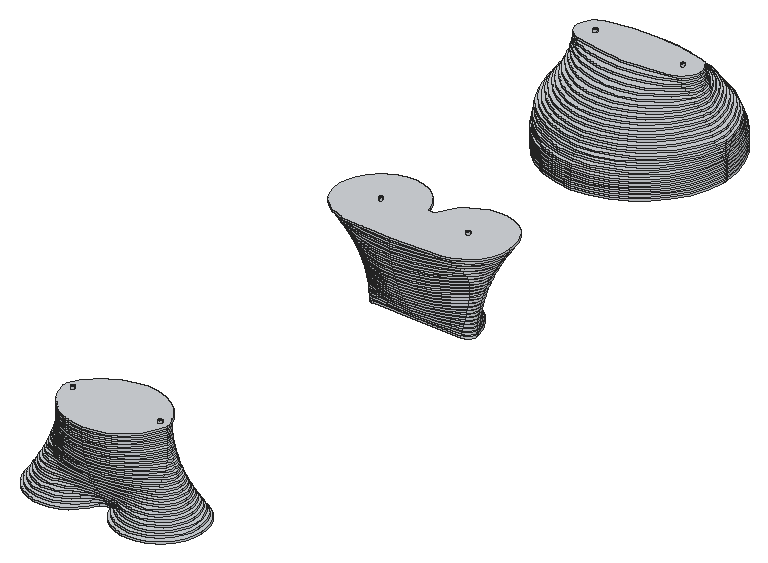
Revit family "Sedute", category Mass, Revit 2012
Parameters
  tollerance = 1 mm
  shimRadius = 20 mm
  cRadius = barRadius + tollerance  # 6 mm
  c2cDistance = 1000 mm
  barRadius = 5 mm
  SocketDistance = 200 mm
  MinimumHeight = 0 mm
  Default Elevation = 1219.2 mm
Reference planes
  plane 1 "Center (Front/Back)": y = 0
  plane 2 "Center (Left/Right)": x = 0
Nested families
  nested 1: "MN-Sezione_CC_h" at (-418.688, 7989.036, 0), type "SezioneCC_h"
    with top_r 990.417 mm, top_h_r 510.417 mm, top_conca_h_ctrl 970 mm, top_conca_h 1000 mm, top_cerchio_a 2.33828°, top_angolo 87.6617°, spessore_half 10 mm, spessore 20 mm, r_ctrl 490 mm, r 1000 mm, interasse_half 500 mm, interasse 1000 mm, foro_r_ctrl 6 mm, bottom_r 990.417 mm, bottom_h_r 510.417 mm, bottom_conca_h_ctrl 970 mm, bottom_conca_h 1000 mm, bottom_cerchio_a 2.33828°, bottom_angolo 87.6617°
  nested 2: "MN-Spessore" at (-418.688, 7989.036, 20), type "Sezione"
    with altezza 20 mm
  nested 3: "MN-Spessore" at (581.312, 7989.036, 20), type "Sezione"
    with altezza 20 mm
  nested 4: "MN-Sezione_CC_h" at (-418.688, 7989.036, 40), type "SezioneCC_h"
    with top_r 990.417 mm, top_h_r 510.417 mm, top_conca_h_ctrl 970 mm, top_conca_h 998.817 mm, top_cerchio_a 2.33828°, top_angolo 87.6617°, spessore_half 10 mm, spessore 20 mm, r_ctrl 490 mm, r 939.645 mm, interasse_half 500 mm, interasse 1000 mm, foro_r_ctrl 6 mm, bottom_r 990.417 mm, bottom_h_r 510.417 mm, bottom_conca_h_ctrl 970 mm, bottom_conca_h 998.817 mm, bottom_cerchio_a 2.33828°, bottom_angolo 87.6617°
  nested 5: "MN-Spessore" at (-418.688, 7989.036, 60), type "Sezione"
    with altezza 20 mm
  nested 6: "MN-Spessore" at (581.312, 7989.036, 60), type "Sezione"
    with altezza 20 mm
  nested 7: "MN-Sezione_CC_h" at (-418.688, 7989.036, 80), type "SezioneCC_h"
    with top_r 990.417 mm, top_h_r 510.417 mm, top_conca_h_ctrl 970 mm, top_conca_h 995.266 mm, top_cerchio_a 2.33828°, top_angolo 87.6617°, spessore_half 10 mm, spessore 20 mm, r_ctrl 490 mm, r 881.657 mm, interasse_half 500 mm, interasse 1000 mm, foro_r_ctrl 6 mm, bottom_r 990.417 mm, bottom_h_r 510.417 mm, bottom_conca_h_ctrl 970 mm, bottom_conca_h 995.266 mm, bottom_cerchio_a 2.33828°, bottom_angolo 87.6617°
  nested 8: "MN-Spessore" at (-418.688, 7989.036, 100), type "Sezione"
    with altezza 20 mm
  nested 9: "MN-Spessore" at (581.312, 7989.036, 100), type "Sezione"
    with altezza 20 mm
  nested 10: "MN-Sezione_CC_h" at (-418.688, 7989.036, 120), type "SezioneCC_h"
    with top_r 990.417 mm, top_h_r 510.417 mm, top_conca_h_ctrl 970 mm, top_conca_h 989.349 mm, top_cerchio_a 2.33828°, top_angolo 87.6617°, spessore_half 10 mm, spessore 20 mm, r_ctrl 490 mm, r 826.036 mm, interasse_half 500 mm, interasse 1000 mm, foro_r_ctrl 6 mm, bottom_r 990.417 mm, bottom_h_r 510.417 mm, bottom_conca_h_ctrl 970 mm, bottom_conca_h 989.349 mm, bottom_cerchio_a 2.33828°, bottom_angolo 87.6617°
  nested 11: "MN-Spessore" at (-418.688, 7989.036, 140), type "Sezione"
    with altezza 20 mm
  nested 12: "MN-Spessore" at (581.312, 7989.036, 140), type "Sezione"
    with altezza 20 mm
  nested 13: "MN-Sezione_CC_h" at (-418.688, 7989.036, 160), type "SezioneCC_h"
    with top_r 990.417 mm, top_h_r 510.417 mm, top_conca_h_ctrl 970 mm, top_conca_h 981.065 mm, top_cerchio_a 2.33828°, top_angolo 87.6617°, spessore_half 10 mm, spessore 20 mm, r_ctrl 490 mm, r 772.781 mm, interasse_half 500 mm, interasse 1000 mm, foro_r_ctrl 6 mm, bottom_r 990.417 mm, bottom_h_r 510.417 mm, bottom_conca_h_ctrl 970 mm, bottom_conca_h 981.065 mm, bottom_cerchio_a 2.33828°, bottom_angolo 87.6617°
  nested 14: "MN-Spessore" at (-418.688, 7989.036, 180), type "Sezione"
    with altezza 20 mm
  nested 15: "MN-Spessore" at (581.312, 7989.036, 180), type "Sezione"
    with altezza 20 mm
  nested 16: "MN-Sezione_CC_h" at (-418.688, 7989.036, 200), type "SezioneCC_h"
    with top_r 990.417 mm, top_h_r 510.417 mm, top_conca_h_ctrl 970 mm, top_conca_h 970.414 mm, top_cerchio_a 2.33828°, top_angolo 87.6617°, spessore_half 10 mm, spessore 20 mm, r_ctrl 490 mm, r 721.893 mm, interasse_half 500 mm, interasse 1000 mm, foro_r_ctrl 6 mm, bottom_r 990.417 mm, bottom_h_r 510.417 mm, bottom_conca_h_ctrl 970 mm, bottom_conca_h 970.414 mm, bottom_cerchio_a 2.33828°, bottom_angolo 87.6617°
  nested 17: "MN-Spessore" at (-418.688, 7989.036, 220), type "Sezione"
    with altezza 20 mm
  nested 18: "MN-Spessore" at (581.312, 7989.036, 220), type "Sezione"
    with altezza 20 mm
  nested 19: "MN-Sezione_CC_h" at (-418.688, 7989.036, 240), type "SezioneCC_h"
    with top_r 991.137 mm, top_h_r 523.741 mm, top_conca_h_ctrl 957.396 mm, top_conca_h 957.396 mm, top_cerchio_a 3.86055°, top_angolo 86.1395°, spessore_half 10 mm, spessore 20 mm, r_ctrl 490 mm, r 673.373 mm, interasse_half 500 mm, interasse 1000 mm, foro_r_ctrl 6 mm, bottom_r 991.137 mm, bottom_h_r 523.741 mm, bottom_conca_h_ctrl 957.396 mm, bottom_conca_h 957.396 mm, bottom_cerchio_a 3.86055°, bottom_angolo 86.1395°
  nested 20: "MN-Spessore" at (-418.688, 7989.036, 260), type "Sezione"
    with altezza 20 mm
  nested 21: "MN-Spessore" at (581.312, 7989.036, 260), type "Sezione"
    with altezza 20 mm
  nested 22: "MN-Sezione_CC_h" at (-418.688, 7989.036, 280), type "SezioneCC_h"
    with top_r 992.547 mm, top_h_r 540.536 mm, top_conca_h_ctrl 942.012 mm, top_conca_h 942.012 mm, top_cerchio_a 5.77134°, top_angolo 84.2287°, spessore_half 10 mm, spessore 20 mm, r_ctrl 490 mm, r 627.219 mm, interasse_half 500 mm, interasse 1000 mm, foro_r_ctrl 6 mm, bottom_r 992.547 mm, bottom_h_r 540.536 mm, bottom_conca_h_ctrl 942.012 mm, bottom_conca_h 942.012 mm, bottom_cerchio_a 5.77134°, bottom_angolo 84.2287°
  nested 23: "MN-Spessore" at (-418.688, 7989.036, 300), type "Sezione"
    with altezza 20 mm
  nested 24: "MN-Spessore" at (581.312, 7989.036, 300), type "Sezione"
    with altezza 20 mm
  nested 25: "MN-Sezione_CC_h" at (-418.688, 7989.036, 320), type "SezioneCC_h"
    with top_r 994.976 mm, top_h_r 560.716 mm, top_conca_h_ctrl 924.26 mm, top_conca_h 924.26 mm, top_cerchio_a 8.05002°, top_angolo 81.95°, spessore_half 10 mm, spessore 20 mm, r_ctrl 490 mm, r 583.432 mm, interasse_half 500 mm, interasse 1000 mm, foro_r_ctrl 6 mm, bottom_r 994.976 mm, bottom_h_r 560.716 mm, bottom_conca_h_ctrl 924.26 mm, bottom_conca_h 924.26 mm, bottom_cerchio_a 8.05002°, bottom_angolo 81.95°
  nested 26: "MN-Spessore" at (-418.688, 7989.036, 340), type "Sezione"
    with altezza 20 mm
  nested 27: "MN-Spessore" at (581.312, 7989.036, 340), type "Sezione"
    with altezza 20 mm
  nested 28: "MN-Sezione_CC_h" at (-418.688, 7989.036, 360), type "SezioneCC_h"
    with top_r 998.9 mm, top_h_r 584.758 mm, top_conca_h_ctrl 904.142 mm, top_conca_h 904.142 mm, top_cerchio_a 10.7312°, top_angolo 79.2688°, spessore_half 10 mm, spessore 20 mm, r_ctrl 490 mm, r 542.012 mm, interasse_half 500 mm, interasse 1000 mm, foro_r_ctrl 6 mm, bottom_r 998.9 mm, bottom_h_r 584.758 mm, bottom_conca_h_ctrl 904.142 mm, bottom_conca_h 904.142 mm, bottom_cerchio_a 10.7312°, bottom_angolo 79.2688°
  nested 29: "MN-Spessore" at (-418.688, 7989.036, 380), type "Sezione"
    with altezza 20 mm
  nested 30: "MN-Spessore" at (581.312, 7989.036, 380), type "Sezione"
    with altezza 20 mm
  nested 31: "MN-Sezione_CC_h" at (-418.688, 7989.036, 400), type "SezioneCC_h"
    with top_r 1004.985 mm, top_h_r 613.329 mm, top_conca_h_ctrl 881.657 mm, top_conca_h 881.657 mm, top_cerchio_a 13.8558°, top_angolo 76.1442°, spessore_half 10 mm, spessore 20 mm, r_ctrl 490 mm, r 502.959 mm, interasse_half 500 mm, interasse 1000 mm, foro_r_ctrl 6 mm, bottom_r 1004.985 mm, bottom_h_r 613.329 mm, bottom_conca_h_ctrl 881.657 mm, bottom_conca_h 881.657 mm, bottom_cerchio_a 13.8558°, bottom_angolo 76.1442°
  nested 32: "MN-Spessore" at (-418.688, 7989.036, 420), type "Sezione"
    with altezza 20 mm
  nested 33: "MN-Spessore" at (581.312, 7989.036, 420), type "Sezione"
    with altezza 20 mm
  nested 34: "MN-Sezione_CC_h" at (-418.688, 7989.036, 440), type "SezioneCC_h"
    with top_r 981.614 mm, top_h_r 591.082 mm, top_conca_h_ctrl 856.805 mm, top_conca_h 856.805 mm, top_cerchio_a 14.0157°, top_angolo 75.9843°, spessore_half 10 mm, spessore 20 mm, r_ctrl 466.272 mm, r 466.272 mm, interasse_half 500 mm, interasse 1000 mm, foro_r_ctrl 6 mm, bottom_r 981.614 mm, bottom_h_r 591.082 mm, bottom_conca_h_ctrl 856.805 mm, bottom_conca_h 856.805 mm, bottom_cerchio_a 14.0157°, bottom_angolo 75.9843°
  nested 35: "MN-Spessore" at (-418.688, 7989.036, 460), type "Sezione"
    with altezza 20 mm
  nested 36: "MN-Spessore" at (581.312, 7989.036, 460), type "Sezione"
    with altezza 20 mm
  nested 37: "MN-Sezione_CC_h" at (-418.688, 7989.036, 480), type "SezioneCC_h"
    with top_r 945.129 mm, top_h_r 547.496 mm, top_conca_h_ctrl 829.586 mm, top_conca_h 829.586 mm, top_cerchio_a 13.0119°, top_angolo 76.9881°, spessore_half 10 mm, spessore 20 mm, r_ctrl 431.953 mm, r 431.953 mm, interasse_half 500 mm, interasse 1000 mm, foro_r_ctrl 6 mm, bottom_r 945.129 mm, bottom_h_r 547.496 mm, bottom_conca_h_ctrl 829.586 mm, bottom_conca_h 829.586 mm, bottom_cerchio_a 13.0119°, bottom_angolo 76.9881°
  nested 38: "MN-Spessore" at (-418.688, 7989.036, 500), type "Sezione"
    with altezza 20 mm
  nested 39: "MN-Spessore" at (581.312, 7989.036, 500), type "Sezione"
    with altezza 20 mm
  nested 40: "MN-Sezione_CC_h" at (-418.688, 7989.036, 520), type "SezioneCC_h"
    with top_r 912.5 mm, top_h_r 512.5 mm, top_conca_h_ctrl 800 mm, top_conca_h 800 mm, top_cerchio_a 12.6804°, top_angolo 77.3196°, spessore_half 10 mm, spessore 20 mm, r_ctrl 400 mm, r 400 mm, interasse_half 500 mm, interasse 1000 mm, foro_r_ctrl 6 mm, bottom_r 912.5 mm, bottom_h_r 512.5 mm, bottom_conca_h_ctrl 800 mm, bottom_conca_h 800 mm, bottom_cerchio_a 12.6804°, bottom_angolo 77.3196°
  nested 41: "MN-Spessore" at (-418.688, 7989.036, 540), type "Sezione"
    with altezza 20 mm
  nested 42: "MN-Spessore" at (581.312, 7989.036, 540), type "Sezione"
    with altezza 20 mm
  nested 43: "MN-Sezione_CC_h" at (-418.688, 7989.036, 560), type "SezioneCC_h"
    with top_r 883.591 mm, top_h_r 485.958 mm, top_conca_h_ctrl 768.047 mm, top_conca_h 768.047 mm, top_cerchio_a 13.0119°, top_angolo 76.9881°, spessore_half 10 mm, spessore 20 mm, r_ctrl 370.414 mm, r 370.414 mm, interasse_half 500 mm, interasse 1000 mm, foro_r_ctrl 6 mm, bottom_r 883.591 mm, bottom_h_r 485.958 mm, bottom_conca_h_ctrl 768.047 mm, bottom_conca_h 768.047 mm, bottom_cerchio_a 13.0119°, bottom_angolo 76.9881°
  nested 44: "MN-Spessore" at (-418.688, 7989.036, 580), type "Sezione"
    with altezza 20 mm
  nested 45: "MN-Spessore" at (581.312, 7989.036, 580), type "Sezione"
    with altezza 20 mm
  nested 46: "MN-Sezione_CC_h" at (-418.688, 7989.036, 600), type "SezioneCC_h"
    with top_r 858.537 mm, top_h_r 468.005 mm, top_conca_h_ctrl 733.728 mm, top_conca_h 733.728 mm, top_cerchio_a 14.0157°, top_angolo 75.9843°, spessore_half 10 mm, spessore 20 mm, r_ctrl 343.195 mm, r 343.195 mm, interasse_half 500 mm, interasse 1000 mm, foro_r_ctrl 6 mm, bottom_r 858.537 mm, bottom_h_r 468.005 mm, bottom_conca_h_ctrl 733.728 mm, bottom_conca_h 733.728 mm, bottom_cerchio_a 14.0157°, bottom_angolo 75.9843°
  nested 47: "MN-Spessore" at (-418.688, 7989.036, 620), type "Sezione"
    with altezza 20 mm
  nested 48: "MN-Spessore" at (581.312, 7989.036, 620), type "Sezione"
    with altezza 20 mm
  nested 49: "MN-Sezione_CC_h" at (-418.688, 7989.036, 640), type "SezioneCC_h"
    with top_r 837.77 mm, top_h_r 459.072 mm, top_conca_h_ctrl 697.041 mm, top_conca_h 697.041 mm, top_cerchio_a 15.7197°, top_angolo 74.2803°, spessore_half 10 mm, spessore 20 mm, r_ctrl 318.343 mm, r 318.343 mm, interasse_half 500 mm, interasse 1000 mm, foro_r_ctrl 6 mm, bottom_r 837.77 mm, bottom_h_r 459.072 mm, bottom_conca_h_ctrl 697.041 mm, bottom_conca_h 697.041 mm, bottom_cerchio_a 15.7197°, bottom_angolo 74.2803°
  nested 50: "MN-Spessore" at (-418.688, 7989.036, 660), type "Sezione"
    with altezza 20 mm
  nested 51: "MN-Spessore" at (581.312, 7989.036, 660), type "Sezione"
    with altezza 20 mm
  nested 52: "MN-Sezione_CC_h" at (-418.688, 7989.036, 680), type "SezioneCC_h"
    with top_r 822.103 mm, top_h_r 459.973 mm, top_conca_h_ctrl 657.988 mm, top_conca_h 657.988 mm, top_cerchio_a 18.1714°, top_angolo 71.8286°, spessore_half 10 mm, spessore 20 mm, r_ctrl 295.858 mm, r 295.858 mm, interasse_half 500 mm, interasse 1000 mm, foro_r_ctrl 6 mm, bottom_r 822.103 mm, bottom_h_r 459.973 mm, bottom_conca_h_ctrl 657.988 mm, bottom_conca_h 657.988 mm, bottom_cerchio_a 18.1714°, bottom_angolo 71.8286°
  nested 53: "MN-Spessore" at (-418.688, 7989.036, 700), type "Sezione"
    with altezza 20 mm
  nested 54: "MN-Spessore" at (581.312, 7989.036, 700), type "Sezione"
    with altezza 20 mm
  nested 55: "MN-Sezione_CC_h" at (-418.688, 7989.036, 720), type "SezioneCC_h"
    with top_r 812.907 mm, top_h_r 472.079 mm, top_conca_h_ctrl 616.568 mm, top_conca_h 616.568 mm, top_cerchio_a 21.4389°, top_angolo 68.5611°, spessore_half 10 mm, spessore 20 mm, r_ctrl 275.74 mm, r 275.74 mm, interasse_half 500 mm, interasse 1000 mm, foro_r_ctrl 6 mm, bottom_r 812.907 mm, bottom_h_r 472.079 mm, bottom_conca_h_ctrl 616.568 mm, bottom_conca_h 616.568 mm, bottom_cerchio_a 21.4389°, bottom_angolo 68.5611°
  nested 56: "MN-Spessore" at (-418.688, 7989.036, 740), type "Sezione"
    with altezza 20 mm
  nested 57: "MN-Spessore" at (581.312, 7989.036, 740), type "Sezione"
    with altezza 20 mm
  nested 58: "MN-Sezione_CC_h" at (-418.688, 7989.036, 760), type "SezioneCC_h"
    with top_r 812.471 mm, top_h_r 497.678 mm, top_conca_h_ctrl 572.781 mm, top_conca_h 572.781 mm, top_cerchio_a 25.6121°, top_angolo 64.3879°, spessore_half 10 mm, spessore 20 mm, r_ctrl 257.988 mm, r 257.988 mm, interasse_half 500 mm, interasse 1000 mm, foro_r_ctrl 6 mm, bottom_r 812.471 mm, bottom_h_r 497.678 mm, bottom_conca_h_ctrl 572.781 mm, bottom_conca_h 572.781 mm, bottom_cerchio_a 25.6121°, bottom_angolo 64.3879°
  nested 59: "MN-Spessore" at (-418.688, 7989.036, 780), type "Sezione"
    with altezza 20 mm
  nested 60: "MN-Spessore" at (581.312, 7989.036, 780), type "Sezione"
    with altezza 20 mm
  nested 61: "MN-Sezione_CC_h" at (-418.688, 7989.036, 800), type "SezioneCC_h"
    with top_r 824.72 mm, top_h_r 540.696 mm, top_conca_h_ctrl 526.627 mm, top_conca_h 526.627 mm, top_cerchio_a 30.8027°, top_angolo 59.1973°, spessore_half 10 mm, spessore 20 mm, r_ctrl 242.604 mm, r 242.604 mm, interasse_half 500 mm, interasse 1000 mm, foro_r_ctrl 6 mm, bottom_r 824.72 mm, bottom_h_r 540.696 mm, bottom_conca_h_ctrl 526.627 mm, bottom_conca_h 526.627 mm, bottom_cerchio_a 30.8027°, bottom_angolo 59.1973°
  nested 62: "MN-Spessore" at (-418.688, 7989.036, 820), type "Sezione"
    with altezza 20 mm
  nested 63: "MN-Spessore" at (581.312, 7989.036, 820), type "Sezione"
    with altezza 20 mm
  nested 64: "MN-Sezione_CC_h" at (-418.688, 7989.036, 840), type "SezioneCC_h"
    with top_r 856.822 mm, top_h_r 608.302 mm, top_conca_h_ctrl 478.107 mm, top_conca_h 478.107 mm, top_cerchio_a 37.1414°, top_angolo 52.8586°, spessore_half 10 mm, spessore 20 mm, r_ctrl 229.586 mm, r 229.586 mm, interasse_half 500 mm, interasse 1000 mm, foro_r_ctrl 6 mm, bottom_r 856.822 mm, bottom_h_r 608.302 mm, bottom_conca_h_ctrl 478.107 mm, bottom_conca_h 478.107 mm, bottom_cerchio_a 37.1414°, bottom_angolo 52.8586°
  nested 65: "MN-Spessore" at (-418.688, 7989.036, 860), type "Sezione"
    with altezza 20 mm
  nested 66: "MN-Spessore" at (581.312, 7989.036, 860), type "Sezione"
    with altezza 20 mm
  nested 67: "MN-Sezione_CC_h" at (-418.688, 7989.036, 880), type "SezioneCC_h"
    with top_r 923.219 mm, top_h_r 714.935 mm, top_conca_h_ctrl 427.219 mm, top_conca_h 427.219 mm, top_cerchio_a 44.7699°, top_angolo 45.2301°, spessore_half 10 mm, spessore 20 mm, r_ctrl 218.935 mm, r 218.935 mm, interasse_half 500 mm, interasse 1000 mm, foro_r_ctrl 6 mm, bottom_r 923.219 mm, bottom_h_r 714.935 mm, bottom_conca_h_ctrl 427.219 mm, bottom_conca_h 427.219 mm, bottom_cerchio_a 44.7699°, bottom_angolo 45.2301°
  nested 68: "MN-Spessore" at (-418.688, 7989.036, 900), type "Sezione"
    with altezza 20 mm
  nested 69: "MN-Spessore" at (581.312, 7989.036, 900), type "Sezione"
    with altezza 20 mm
  nested 70: "MN-Sezione_CC_h" at (-418.688, 7989.036, 920), type "SezioneCC_h"
    with top_r 1057.706 mm, top_h_r 894.393 mm, top_conca_h_ctrl 373.964 mm, top_conca_h 373.964 mm, top_cerchio_a 53.8231°, top_angolo 36.1769°, spessore_half 10 mm, spessore 20 mm, r_ctrl 210.651 mm, r 210.651 mm, interasse_half 500 mm, interasse 1000 mm, foro_r_ctrl 6 mm, bottom_r 1057.706 mm, bottom_h_r 894.393 mm, bottom_conca_h_ctrl 373.964 mm, bottom_conca_h 373.964 mm, bottom_cerchio_a 53.8231°, bottom_angolo 36.1769°
  nested 71: "MN-Spessore" at (-418.688, 7989.036, 940), type "Sezione"
    with altezza 20 mm
  nested 72: "MN-Spessore" at (581.312, 7989.036, 940), type "Sezione"
    with altezza 20 mm
  nested 73: "MN-Sezione_CC_h" at (-418.688, 7989.036, 960), type "SezioneCC_h"
    with top_r 1361.799 mm, top_h_r 1248.189 mm, top_conca_h_ctrl 318.343 mm, top_conca_h 318.343 mm, top_cerchio_a 64.3973°, top_angolo 25.6027°, spessore_half 10 mm, spessore 20 mm, r_ctrl 204.734 mm, r 204.734 mm, interasse_half 500 mm, interasse 1000 mm, foro_r_ctrl 6 mm, bottom_r 1361.799 mm, bottom_h_r 1248.189 mm, bottom_conca_h_ctrl 318.343 mm, bottom_conca_h 318.343 mm, bottom_cerchio_a 64.3973°, bottom_angolo 25.6027°
  nested 74: "MN-Spessore" at (-418.688, 7989.036, 980), type "Sezione"
    with altezza 20 mm
  nested 75: "MN-Spessore" at (581.312, 7989.036, 980), type "Sezione"
    with altezza 20 mm
  nested 76: "MN-Sezione_CC_h" at (-418.688, 7989.036, 1000), type "SezioneCC_h"
    with top_r 2343.269 mm, top_h_r 2284.098 mm, top_conca_h_ctrl 260.355 mm, top_conca_h 260.355 mm, top_cerchio_a 76.5017°, top_angolo 13.4983°, spessore_half 10 mm, spessore 20 mm, r_ctrl 201.183 mm, r 201.183 mm, interasse_half 500 mm, interasse 1000 mm, foro_r_ctrl 6 mm, bottom_r 2343.269 mm, bottom_h_r 2284.098 mm, bottom_conca_h_ctrl 260.355 mm, bottom_conca_h 260.355 mm, bottom_cerchio_a 76.5017°, bottom_angolo 13.4983°
  nested 77: "MN-Spessore" at (-418.688, 7989.036, 1020), type "Sezione"
    with altezza 20 mm
  nested 78: "MN-Spessore" at (581.312, 7989.036, 1020), type "Sezione"
    with altezza 20 mm
  nested 79: "MN-Tondino" at (-418.688, 7989.036, -20), type "Tondino"
    with altezza 1020 mm
  nested 80: "MN-Tondino" at (581.312, 7989.036, -20), type "Tondino"
    with altezza 1020 mm
  nested 81: "MN-Sezione_CC_h" at (0, 4400, 0), type "SezioneCC_h"
    with top_r 612.5 mm, top_h_r 212.5 mm, top_conca_h_ctrl 500 mm, top_conca_h 500 mm, top_cerchio_a 12.6804°, top_angolo 77.3196°, spessore_half 10 mm, spessore 20 mm, r_ctrl 100 mm, r 100 mm, interasse_half 500 mm, interasse 1000 mm, foro_r_ctrl 6 mm, bottom_r 125100.5 mm, bottom_h_r 125099.5 mm, bottom_conca_h_ctrl 101 mm, bottom_conca_h 100 mm, bottom_cerchio_a 89.7708°, bottom_angolo 0.229183°
  nested 82: "MN-Spessore" at (0, 4400, 20), type "Sezione"
    with altezza 20 mm
  nested 83: "MN-Spessore" at (1000, 4400, 20), type "Sezione"
    with altezza 20 mm
  nested 84: "MN-Sezione_CC_h" at (0, 4400, 40), type "SezioneCC_h"
    with top_r 623.749 mm, top_h_r 254.518 mm, top_conca_h_ctrl 469.822 mm, top_conca_h 469.822 mm, top_cerchio_a 17.1111°, top_angolo 72.8889°, spessore_half 10 mm, spessore 20 mm, r_ctrl 100.592 mm, r 100.592 mm, interasse_half 500 mm, interasse 1000 mm, foro_r_ctrl 6 mm, bottom_r 4340.385 mm, bottom_h_r 4310.799 mm, bottom_conca_h_ctrl 130.178 mm, bottom_conca_h 130.178 mm, bottom_cerchio_a 83.2273°, bottom_angolo 6.77267°
  nested 85: "MN-Spessore" at (0, 4400, 60), type "Sezione"
    with altezza 20 mm
  nested 86: "MN-Spessore" at (1000, 4400, 60), type "Sezione"
    with altezza 20 mm
  nested 87: "MN-Sezione_CC_h" at (0, 4400, 80), type "SezioneCC_h"
    with top_r 640.916 mm, top_h_r 302.454 mm, top_conca_h_ctrl 440.828 mm, top_conca_h 440.828 mm, top_cerchio_a 21.81°, top_angolo 68.19°, spessore_half 10 mm, spessore 20 mm, r_ctrl 102.367 mm, r 102.367 mm, interasse_half 500 mm, interasse 1000 mm, foro_r_ctrl 6 mm, bottom_r 2331.29 mm, bottom_h_r 2274.485 mm, bottom_conca_h_ctrl 159.172 mm, bottom_conca_h 159.172 mm, bottom_cerchio_a 77.0369°, bottom_angolo 12.9631°
  nested 88: "MN-Spessore" at (0, 4400, 100), type "Sezione"
    with altezza 20 mm
  nested 89: "MN-Spessore" at (1000, 4400, 100), type "Sezione"
    with altezza 20 mm
  nested 90: "MN-Sezione_CC_h" at (0, 4400, 120), type "SezioneCC_h"
    with top_r 665.422 mm, top_h_r 357.729 mm, top_conca_h_ctrl 413.018 mm, top_conca_h 413.018 mm, top_cerchio_a 26.785°, top_angolo 63.215°, spessore_half 10 mm, spessore 20 mm, r_ctrl 105.325 mm, r 105.325 mm, interasse_half 500 mm, interasse 1000 mm, foro_r_ctrl 6 mm, bottom_r 1676.951 mm, bottom_h_r 1595.294 mm, bottom_conca_h_ctrl 186.982 mm, bottom_conca_h 186.982 mm, bottom_cerchio_a 71.4494°, bottom_angolo 18.5506°
  nested 91: "MN-Spessore" at (0, 4400, 140), type "Sezione"
    with altezza 20 mm
  nested 92: "MN-Spessore" at (1000, 4400, 140), type "Sezione"
    with altezza 20 mm
  nested 93: "MN-Sezione_CC_h" at (0, 4400, 160), type "SezioneCC_h"
    with top_r 699.318 mm, top_h_r 422.395 mm, top_conca_h_ctrl 386.391 mm, top_conca_h 386.391 mm, top_cerchio_a 32.0406°, top_angolo 57.9594°, spessore_half 10 mm, spessore 20 mm, r_ctrl 109.467 mm, r 109.467 mm, interasse_half 500 mm, interasse 1000 mm, foro_r_ctrl 6 mm, bottom_r 1361.823 mm, bottom_h_r 1257.681 mm, bottom_conca_h_ctrl 213.609 mm, bottom_conca_h 213.609 mm, bottom_cerchio_a 66.4688°, bottom_angolo 23.5312°
  nested 94: "MN-Spessore" at (0, 4400, 180), type "Sezione"
    with altezza 20 mm
  nested 95: "MN-Spessore" at (1000, 4400, 180), type "Sezione"
    with altezza 20 mm
  nested 96: "MN-Sezione_CC_h" at (0, 4400, 200), type "SezioneCC_h"
    with top_r 745.682 mm, top_h_r 499.528 mm, top_conca_h_ctrl 360.947 mm, top_conca_h 360.947 mm, top_cerchio_a 37.5772°, top_angolo 52.4228°, spessore_half 10 mm, spessore 20 mm, r_ctrl 114.793 mm, r 114.793 mm, interasse_half 500 mm, interasse 1000 mm, foro_r_ctrl 6 mm, bottom_r 1182.875 mm, bottom_h_r 1058.615 mm, bottom_conca_h_ctrl 239.053 mm, bottom_conca_h 239.053 mm, bottom_cerchio_a 62.0871°, bottom_angolo 27.9129°
  nested 97: "MN-Spessore" at (0, 4400, 220), type "Sezione"
    with altezza 20 mm
  nested 98: "MN-Spessore" at (1000, 4400, 220), type "Sezione"
    with altezza 20 mm
  nested 99: "MN-Sezione_CC_h" at (0, 4400, 240), type "SezioneCC_h"
    with top_r 809.351 mm, top_h_r 593.967 mm, top_conca_h_ctrl 336.686 mm, top_conca_h 336.686 mm, top_cerchio_a 43.3902°, top_angolo 46.6098°, spessore_half 10 mm, spessore 20 mm, r_ctrl 121.302 mm, r 121.302 mm, interasse_half 500 mm, interasse 1000 mm, foro_r_ctrl 6 mm, bottom_r 1072.516 mm, bottom_h_r 930.504 mm, bottom_conca_h_ctrl 263.314 mm, bottom_conca_h 263.314 mm, bottom_cerchio_a 58.2884°, bottom_angolo 31.7116°
  nested 100: "MN-Spessore" at (0, 4400, 260), type "Sezione"
    with altezza 20 mm
  nested 101: "MN-Spessore" at (1000, 4400, 260), type "Sezione"
    with altezza 20 mm
  nested 102: "MN-Sezione_CC_h" at (0, 4400, 280), type "SezioneCC_h"
    with top_r 898.385 mm, top_h_r 713.77 mm, top_conca_h_ctrl 313.609 mm, top_conca_h 313.609 mm, top_cerchio_a 49.4686°, top_angolo 40.5314°, spessore_half 10 mm, spessore 20 mm, r_ctrl 128.994 mm, r 128.994 mm, interasse_half 500 mm, interasse 1000 mm, foro_r_ctrl 6 mm, bottom_r 1001.865 mm, bottom_h_r 844.469 mm, bottom_conca_h_ctrl 286.391 mm, bottom_conca_h 286.391 mm, bottom_cerchio_a 55.0527°, bottom_angolo 34.9473°
  nested 103: "MN-Spessore" at (0, 4400, 300), type "Sezione"
    with altezza 20 mm
  nested 104: "MN-Spessore" at (1000, 4400, 300), type "Sezione"
    with altezza 20 mm
  nested 105: "MN-Sezione_CC_h" at (0, 4400, 320), type "SezioneCC_h"
    with top_r 1027.293 mm, top_h_r 873.447 mm, top_conca_h_ctrl 291.716 mm, top_conca_h 291.716 mm, top_cerchio_a 55.7945°, top_angolo 34.2055°, spessore_half 10 mm, spessore 20 mm, r_ctrl 137.87 mm, r 137.87 mm, interasse_half 500 mm, interasse 1000 mm, foro_r_ctrl 6 mm, bottom_r 956.584 mm, bottom_h_r 786.17 mm, bottom_conca_h_ctrl 308.284 mm, bottom_conca_h 308.284 mm, bottom_cerchio_a 52.3589°, bottom_angolo 37.6411°
  nested 106: "MN-Spessore" at (0, 4400, 340), type "Sezione"
    with altezza 20 mm
  nested 107: "MN-Spessore" at (1000, 4400, 340), type "Sezione"
    with altezza 20 mm
  nested 108: "MN-Sezione_CC_h" at (0, 4400, 360), type "SezioneCC_h"
    with top_r 1225.092 mm, top_h_r 1102.016 mm, top_conca_h_ctrl 271.006 mm, top_conca_h 271.006 mm, top_cerchio_a 62.3427°, top_angolo 27.6573°, spessore_half 10 mm, spessore 20 mm, r_ctrl 147.929 mm, r 147.929 mm, interasse_half 500 mm, interasse 1000 mm, foro_r_ctrl 6 mm, bottom_r 928.821 mm, bottom_h_r 747.756 mm, bottom_conca_h_ctrl 328.994 mm, bottom_conca_h 328.994 mm, bottom_cerchio_a 50.1863°, bottom_angolo 39.8137°
  nested 109: "MN-Spessore" at (0, 4400, 380), type "Sezione"
    with altezza 20 mm
  nested 110: "MN-Spessore" at (1000, 4400, 380), type "Sezione"
    with altezza 20 mm
  nested 111: "MN-Sezione_CC_h" at (0, 4400, 400), type "SezioneCC_h"
    with top_r 1559.492 mm, top_h_r 1467.184 mm, top_conca_h_ctrl 251.479 mm, top_conca_h 251.479 mm, top_cerchio_a 69.0802°, top_angolo 20.9198°, spessore_half 10 mm, spessore 20 mm, r_ctrl 159.172 mm, r 159.172 mm, interasse_half 500 mm, interasse 1000 mm, foro_r_ctrl 6 mm, bottom_r 914.002 mm, bottom_h_r 724.653 mm, bottom_conca_h_ctrl 348.521 mm, bottom_conca_h 348.521 mm, bottom_cerchio_a 48.5168°, bottom_angolo 41.4832°
  nested 112: "MN-Spessore" at (0, 4400, 420), type "Sezione"
    with altezza 20 mm
  nested 113: "MN-Spessore" at (1000, 4400, 420), type "Sezione"
    with altezza 20 mm
  nested 114: "MN-Sezione_CC_h" at (0, 4400, 440), type "SezioneCC_h"
    with top_r 2233.617 mm, top_h_r 2172.078 mm, top_conca_h_ctrl 233.136 mm, top_conca_h 233.136 mm, top_cerchio_a 75.967°, top_angolo 14.033°, spessore_half 10 mm, spessore 20 mm, r_ctrl 171.598 mm, r 171.598 mm, interasse_half 500 mm, interasse 1000 mm, foro_r_ctrl 6 mm, bottom_r 909.382 mm, bottom_h_r 714.116 mm, bottom_conca_h_ctrl 366.864 mm, bottom_conca_h 366.864 mm, bottom_cerchio_a 47.3355°, bottom_angolo 42.6645°
  nested 115: "MN-Spessore" at (0, 4400, 460), type "Sezione"
    with altezza 20 mm
  nested 116: "MN-Spessore" at (1000, 4400, 460), type "Sezione"
    with altezza 20 mm
  nested 117: "MN-Sezione_CC_h" at (0, 4400, 480), type "SezioneCC_h"
    with top_r 4263.092 mm, top_h_r 4232.322 mm, top_conca_h_ctrl 215.976 mm, top_conca_h 215.976 mm, top_cerchio_a 82.9571°, top_angolo 7.04291°, spessore_half 10 mm, spessore 20 mm, r_ctrl 185.207 mm, r 185.207 mm, interasse_half 500 mm, interasse 1000 mm, foro_r_ctrl 6 mm, bottom_r 913.336 mm, bottom_h_r 714.519 mm, bottom_conca_h_ctrl 384.024 mm, bottom_conca_h 384.024 mm, bottom_cerchio_a 46.6312°, bottom_angolo 43.3688°
  nested 118: "MN-Spessore" at (0, 4400, 500), type "Sezione"
    with altezza 20 mm
  nested 119: "MN-Spessore" at (1000, 4400, 500), type "Sezione"
    with altezza 20 mm
  nested 120: "MN-Sezione_CC_h" at (0, 4400, 520), type "SezioneCC_h"
    with top_r 125200.5 mm, top_h_r 125199.5 mm, top_conca_h_ctrl 201 mm, top_conca_h 200 mm, top_cerchio_a 89.7708°, top_angolo 0.229183°, spessore_half 10 mm, spessore 20 mm, r_ctrl 200 mm, r 200 mm, interasse_half 500 mm, interasse 1000 mm, foro_r_ctrl 6 mm, bottom_r 925 mm, bottom_h_r 725 mm, bottom_conca_h_ctrl 400 mm, bottom_conca_h 400 mm, bottom_cerchio_a 46.3972°, bottom_angolo 43.6028°
  nested 121: "MN-Spessore" at (0, 4400, 540), type "Sezione"
    with altezza 20 mm
  nested 122: "MN-Spessore" at (1000, 4400, 540), type "Sezione"
    with altezza 20 mm
  nested 123: "MN-Sezione_T_h" at (0, 4400, 560), type "SezioneT_h"
    with top_r 3861.908 mm, top_h_r 4263.092 mm, top_conca_h_ctrl 185.207 mm, top_conca_h 185.207 mm, top_cerchio_a 97.0429°, top_angolo 7.04291°, spessore_half 10 mm, spessore 20 mm, r_ctrl 215.976 mm, r 215.976 mm, interasse_half 500 mm, interasse 1000 mm, foro_r_ctrl 6 mm, bottom_r 944.105 mm, bottom_h_r 745.288 mm, bottom_conca_h_ctrl 414.793 mm, bottom_conca_h 414.793 mm, bottom_cerchio_a 46.6312°, bottom_angolo 43.3688°
  nested 124: "MN-Spessore" at (0, 4400, 580), type "Sezione"
    with altezza 20 mm
  nested 125: "MN-Spessore" at (1000, 4400, 580), type "Sezione"
    with altezza 20 mm
  nested 126: "MN-Sezione_T_h" at (0, 4400, 600), type "SezioneT_h"
    with top_r 1828.883 mm, top_h_r 2233.617 mm, top_conca_h_ctrl 171.598 mm, top_conca_h 171.598 mm, top_cerchio_a 104.033°, top_angolo 14.033°, spessore_half 10 mm, spessore 20 mm, r_ctrl 233.136 mm, r 233.136 mm, interasse_half 500 mm, interasse 1000 mm, foro_r_ctrl 6 mm, bottom_r 970.921 mm, bottom_h_r 775.654 mm, bottom_conca_h_ctrl 428.402 mm, bottom_conca_h 428.402 mm, bottom_cerchio_a 47.3355°, bottom_angolo 42.6645°
  nested 127: "MN-Spessore" at (0, 4400, 620), type "Sezione"
    with altezza 20 mm
  nested 128: "MN-Spessore" at (1000, 4400, 620), type "Sezione"
    with altezza 20 mm
  nested 129: "MN-Sezione_T_h" at (0, 4400, 640), type "SezioneT_h"
    with top_r 1148.841 mm, top_h_r 1559.492 mm, top_conca_h_ctrl 159.172 mm, top_conca_h 159.172 mm, top_cerchio_a 110.92°, top_angolo 20.9198°, spessore_half 10 mm, spessore 20 mm, r_ctrl 251.479 mm, r 251.479 mm, interasse_half 500 mm, interasse 1000 mm, foro_r_ctrl 6 mm, bottom_r 1006.31 mm, bottom_h_r 816.961 mm, bottom_conca_h_ctrl 440.828 mm, bottom_conca_h 440.828 mm, bottom_cerchio_a 48.5168°, bottom_angolo 41.4832°
  nested 130: "MN-Spessore" at (0, 4400, 660), type "Sezione"
    with altezza 20 mm
  nested 131: "MN-Spessore" at (1000, 4400, 660), type "Sezione"
    with altezza 20 mm
  nested 132: "MN-Sezione_T_h" at (0, 4400, 680), type "SezioneT_h"
    with top_r 806.158 mm, top_h_r 1225.092 mm, top_conca_h_ctrl 147.929 mm, top_conca_h 147.929 mm, top_cerchio_a 117.657°, top_angolo 27.6573°, spessore_half 10 mm, spessore 20 mm, r_ctrl 271.006 mm, r 271.006 mm, interasse_half 500 mm, interasse 1000 mm, foro_r_ctrl 6 mm, bottom_r 1051.898 mm, bottom_h_r 870.833 mm, bottom_conca_h_ctrl 452.071 mm, bottom_conca_h 452.071 mm, bottom_cerchio_a 50.1863°, bottom_angolo 39.8137°
  nested 133: "MN-Spessore" at (0, 4400, 700), type "Sezione"
    with altezza 20 mm
  nested 134: "MN-Spessore" at (1000, 4400, 700), type "Sezione"
    with altezza 20 mm
  nested 135: "MN-Sezione_T_h" at (0, 4400, 720), type "SezioneT_h"
    with top_r 597.707 mm, top_h_r 1027.293 mm, top_conca_h_ctrl 137.87 mm, top_conca_h 137.87 mm, top_cerchio_a 124.205°, top_angolo 34.2055°, spessore_half 10 mm, spessore 20 mm, r_ctrl 291.716 mm, r 291.716 mm, interasse_half 500 mm, interasse 1000 mm, foro_r_ctrl 6 mm, bottom_r 1110.43 mm, bottom_h_r 940.016 mm, bottom_conca_h_ctrl 462.13 mm, bottom_conca_h 462.13 mm, bottom_cerchio_a 52.3589°, bottom_angolo 37.6411°
  nested 136: "MN-Spessore" at (0, 4400, 740), type "Sezione"
    with altezza 20 mm
  nested 137: "MN-Spessore" at (1000, 4400, 740), type "Sezione"
    with altezza 20 mm
  nested 138: "MN-Sezione_T_h" at (0, 4400, 760), type "SezioneT_h"
    with top_r 455.782 mm, top_h_r 898.385 mm, top_conca_h_ctrl 128.994 mm, top_conca_h 128.994 mm, top_cerchio_a 130.531°, top_angolo 40.5314°, spessore_half 10 mm, spessore 20 mm, r_ctrl 313.609 mm, r 313.609 mm, interasse_half 500 mm, interasse 1000 mm, foro_r_ctrl 6 mm, bottom_r 1186.481 mm, bottom_h_r 1029.084 mm, bottom_conca_h_ctrl 471.006 mm, bottom_conca_h 471.006 mm, bottom_cerchio_a 55.0527°, bottom_angolo 34.9473°
  nested 139: "MN-Spessore" at (0, 4400, 780), type "Sezione"
    with altezza 20 mm
  nested 140: "MN-Spessore" at (1000, 4400, 780), type "Sezione"
    with altezza 20 mm
  nested 141: "MN-Sezione_T_h" at (0, 4400, 800), type "SezioneT_h"
    with top_r 351.363 mm, top_h_r 809.351 mm, top_conca_h_ctrl 121.302 mm, top_conca_h 121.302 mm, top_cerchio_a 136.61°, top_angolo 46.6098°, spessore_half 10 mm, spessore 20 mm, r_ctrl 336.686 mm, r 336.686 mm, interasse_half 500 mm, interasse 1000 mm, foro_r_ctrl 6 mm, bottom_r 1287.901 mm, bottom_h_r 1145.889 mm, bottom_conca_h_ctrl 478.698 mm, bottom_conca_h 478.698 mm, bottom_cerchio_a 58.2884°, bottom_angolo 31.7116°
  nested 142: "MN-Spessore" at (0, 4400, 820), type "Sezione"
    with altezza 20 mm
  nested 143: "MN-Spessore" at (1000, 4400, 820), type "Sezione"
    with altezza 20 mm
  nested 144: "MN-Sezione_T_h" at (0, 4400, 840), type "SezioneT_h"
    with top_r 269.943 mm, top_h_r 745.682 mm, top_conca_h_ctrl 114.793 mm, top_conca_h 114.793 mm, top_cerchio_a 142.423°, top_angolo 52.4228°, spessore_half 10 mm, spessore 20 mm, r_ctrl 360.947 mm, r 360.947 mm, interasse_half 500 mm, interasse 1000 mm, foro_r_ctrl 6 mm, bottom_r 1429.029 mm, bottom_h_r 1304.769 mm, bottom_conca_h_ctrl 485.207 mm, bottom_conca_h 485.207 mm, bottom_cerchio_a 62.0871°, bottom_angolo 27.9129°
  nested 145: "MN-Spessore" at (0, 4400, 860), type "Sezione"
    with altezza 20 mm
  nested 146: "MN-Spessore" at (1000, 4400, 860), type "Sezione"
    with altezza 20 mm
  nested 147: "MN-Sezione_T_h" at (0, 4400, 880), type "SezioneT_h"
    with top_r 203.46 mm, top_h_r 699.318 mm, top_conca_h_ctrl 109.467 mm, top_conca_h 109.467 mm, top_cerchio_a 147.959°, top_angolo 57.9594°, spessore_half 10 mm, spessore 20 mm, r_ctrl 386.391 mm, r 386.391 mm, interasse_half 500 mm, interasse 1000 mm, foro_r_ctrl 6 mm, bottom_r 1638.746 mm, bottom_h_r 1534.604 mm, bottom_conca_h_ctrl 490.533 mm, bottom_conca_h 490.533 mm, bottom_cerchio_a 66.4688°, bottom_angolo 23.5312°
  nested 148: "MN-Spessore" at (0, 4400, 900), type "Sezione"
    with altezza 20 mm
  nested 149: "MN-Spessore" at (1000, 4400, 900), type "Sezione"
    with altezza 20 mm
  nested 150: "MN-Sezione_T_h" at (0, 4400, 920), type "SezioneT_h"
    with top_r 147.078 mm, top_h_r 665.422 mm, top_conca_h_ctrl 105.325 mm, top_conca_h 105.325 mm, top_cerchio_a 153.215°, top_angolo 63.215°, spessore_half 10 mm, spessore 20 mm, r_ctrl 413.018 mm, r 413.018 mm, interasse_half 500 mm, interasse 1000 mm, foro_r_ctrl 6 mm, bottom_r 1984.643 mm, bottom_h_r 1902.986 mm, bottom_conca_h_ctrl 494.675 mm, bottom_conca_h 494.675 mm, bottom_cerchio_a 71.4494°, bottom_angolo 18.5506°
  nested 151: "MN-Spessore" at (0, 4400, 940), type "Sezione"
    with altezza 20 mm
  nested 152: "MN-Spessore" at (1000, 4400, 940), type "Sezione"
    with altezza 20 mm
  nested 153: "MN-Sezione_T_h" at (0, 4400, 960), type "SezioneT_h"
    with top_r 97.721 mm, top_h_r 640.916 mm, top_conca_h_ctrl 102.367 mm, top_conca_h 102.367 mm, top_cerchio_a 158.19°, top_angolo 68.19°, spessore_half 10 mm, spessore 20 mm, r_ctrl 440.828 mm, r 440.828 mm, interasse_half 500 mm, interasse 1000 mm, foro_r_ctrl 6 mm, bottom_r 2669.752 mm, bottom_h_r 2612.947 mm, bottom_conca_h_ctrl 497.633 mm, bottom_conca_h 497.633 mm, bottom_cerchio_a 77.0369°, bottom_angolo 12.9631°
  nested 154: "MN-Spessore" at (0, 4400, 980), type "Sezione"
    with altezza 20 mm
  nested 155: "MN-Spessore" at (1000, 4400, 980), type "Sezione"
    with altezza 20 mm
  nested 156: "MN-Sezione_T_h" at (0, 4400, 1000), type "SezioneT_h"
    with top_r 53.335 mm, top_h_r 623.749 mm, top_conca_h_ctrl 100.592 mm, top_conca_h 100.592 mm, top_cerchio_a 162.889°, top_angolo 72.8889°, spessore_half 10 mm, spessore 20 mm, r_ctrl 469.822 mm, r 469.822 mm, interasse_half 500 mm, interasse 1000 mm, foro_r_ctrl 6 mm, bottom_r 4709.615 mm, bottom_h_r 4680.03 mm, bottom_conca_h_ctrl 499.408 mm, bottom_conca_h 499.408 mm, bottom_cerchio_a 83.2273°, bottom_angolo 6.77267°
  nested 157: "MN-Spessore" at (0, 4400, 1020), type "Sezione"
    with altezza 20 mm
  nested 158: "MN-Spessore" at (1000, 4400, 1020), type "Sezione"
    with altezza 20 mm
  nested 159: "MN-Tondino" at (0, 4400, -20), type "Tondino"
    with altezza 1020 mm
  nested 160: "MN-Tondino" at (1000, 4400, -20), type "Tondino"
    with altezza 1020 mm
  nested 161: "MN-Spessore" at (0, 0, 20), type "Sezione"
    with altezza 20 mm
  nested 162: "MN-Spessore" at (1000, 0, 20), type "Sezione"
    with altezza 20 mm
  nested 163: "MN-Sezione_TB_h" at (0, 0, 40), type "SezioneTB_h"
    with top_r 3855.899 mm, top_h_r 4766.55 mm, top_conca_h_ctrl 440.828 mm, top_conca_h 440.828 mm, top_cerchio_a 96.6375°, top_angolo 6.63752°, spessore_half 10 mm, spessore 20 mm, r_ctrl 469.822 mm, r 469.822 mm, interasse_half 500 mm, interasse 1000 mm, foro_sx_distanza 0 mm, foro_r_ctrl 6 mm, foro_dx_distanza 0 mm, bottom_r 68.031 mm, bottom_h_r 668.031 mm, bottom_conca_h_ctrl 130.178 mm, bottom_conca_h 130.178 mm, bottom_cerchio_a 158.376°, bottom_angolo 68.3757°
  nested 164: "MN-Spessore" at (0, 0, 60), type "Sezione"
    with altezza 20 mm
  nested 165: "MN-Spessore" at (1000, 0, 60), type "Sezione"
    with altezza 20 mm
  nested 166: "MN-Sezione_TB_h" at (0, 0, 80), type "SezioneTB_h"
    with top_r 1882.586 mm, top_h_r 2709.805 mm, top_conca_h_ctrl 386.391 mm, top_conca_h 386.391 mm, top_cerchio_a 102.427°, top_angolo 12.4273°, spessore_half 10 mm, spessore 20 mm, r_ctrl 440.828 mm, r 440.828 mm, interasse_half 500 mm, interasse 1000 mm, foro_sx_distanza 0 mm, foro_r_ctrl 6 mm, foro_dx_distanza 0 mm, bottom_r 143.803 mm, bottom_h_r 743.803 mm, bottom_conca_h_ctrl 159.172 mm, bottom_conca_h 159.172 mm, bottom_cerchio_a 148.786°, bottom_angolo 58.7863°
  nested 167: "MN-Spessore" at (0, 0, 100), type "Sezione"
    with altezza 20 mm
  nested 168: "MN-Spessore" at (1000, 0, 100), type "Sezione"
    with altezza 20 mm
  nested 169: "MN-Sezione_TB_h" at (0, 0, 120), type "SezioneTB_h"
    with top_r 1262.745 mm, top_h_r 2012.449 mm, top_conca_h_ctrl 336.686 mm, top_conca_h 336.686 mm, top_cerchio_a 107.36°, top_angolo 17.3598°, spessore_half 10 mm, spessore 20 mm, r_ctrl 413.018 mm, r 413.018 mm, interasse_half 500 mm, interasse 1000 mm, foro_sx_distanza 0 mm, foro_r_ctrl 6 mm, foro_dx_distanza 0 mm, bottom_r 253.01 mm, bottom_h_r 853.01 mm, bottom_conca_h_ctrl 186.982 mm, bottom_conca_h 186.982 mm, bottom_cerchio_a 138.653°, bottom_angolo 48.6527°
  nested 170: "MN-Spessore" at (0, 0, 140), type "Sezione"
    with altezza 20 mm
  nested 171: "MN-Spessore" at (1000, 0, 140), type "Sezione"
    with altezza 20 mm
  nested 172: "MN-Sezione_TB_h" at (0, 0, 160), type "SezioneTB_h"
    with top_r 981.259 mm, top_h_r 1659.366 mm, top_conca_h_ctrl 291.716 mm, top_conca_h 291.716 mm, top_cerchio_a 111.444°, top_angolo 21.4439°, spessore_half 10 mm, spessore 20 mm, r_ctrl 386.391 mm, r 386.391 mm, interasse_half 500 mm, interasse 1000 mm, foro_sx_distanza 0 mm, foro_r_ctrl 6 mm, foro_dx_distanza 0 mm, bottom_r 423.459 mm, bottom_h_r 1023.459 mm, bottom_conca_h_ctrl 213.609 mm, bottom_conca_h 213.609 mm, bottom_cerchio_a 128.126°, bottom_angolo 38.1264°
  nested 173: "MN-Spessore" at (0, 0, 180), type "Sezione"
    with altezza 20 mm
  nested 174: "MN-Spessore" at (1000, 0, 180), type "Sezione"
    with altezza 20 mm
  nested 175: "MN-Sezione_TB_h" at (0, 0, 200), type "SezioneTB_h"
    with top_r 835.679 mm, top_h_r 1448.105 mm, top_conca_h_ctrl 251.479 mm, top_conca_h 251.479 mm, top_cerchio_a 114.698°, top_angolo 24.6984°, spessore_half 10 mm, spessore 20 mm, r_ctrl 360.947 mm, r 360.947 mm, interasse_half 500 mm, interasse 1000 mm, foro_sx_distanza 0 mm, foro_r_ctrl 6 mm, foro_dx_distanza 0 mm, bottom_r 725.485 mm, bottom_h_r 1325.485 mm, bottom_conca_h_ctrl 239.053 mm, bottom_conca_h 239.053 mm, bottom_cerchio_a 117.401°, bottom_angolo 27.4014°
  nested 176: "MN-Spessore" at (0, 0, 220), type "Sezione"
    with altezza 20 mm
  nested 177: "MN-Spessore" at (1000, 0, 220), type "Sezione"
    with altezza 20 mm
  nested 178: "MN-Sezione_TB_h" at (0, 0, 240), type "SezioneTB_h"
    with top_r 759.208 mm, top_h_r 1311.871 mm, top_conca_h_ctrl 215.976 mm, top_conca_h 215.976 mm, top_cerchio_a 117.145°, top_angolo 27.1453°, spessore_half 10 mm, spessore 20 mm, r_ctrl 336.686 mm, r 336.686 mm, interasse_half 500 mm, interasse 1000 mm, foro_sx_distanza 0 mm, foro_r_ctrl 6 mm, foro_dx_distanza 0 mm, bottom_r 1403.629 mm, bottom_h_r 2003.629 mm, bottom_conca_h_ctrl 263.314 mm, bottom_conca_h 263.314 mm, bottom_cerchio_a 106.697°, bottom_angolo 16.6966°
  nested 179: "MN-Spessore" at (0, 0, 260), type "Sezione"
    with altezza 20 mm
  nested 180: "MN-Spessore" at (1000, 0, 260), type "Sezione"
    with altezza 20 mm
  nested 181: "MN-Sezione_TB_h" at (0, 0, 280), type "SezioneTB_h"
    with top_r 724.094 mm, top_h_r 1222.911 mm, top_conca_h_ctrl 185.207 mm, top_conca_h 185.207 mm, top_cerchio_a 118.805°, top_angolo 28.8052°, spessore_half 10 mm, spessore 20 mm, r_ctrl 313.609 mm, r 313.609 mm, interasse_half 500 mm, interasse 1000 mm, foro_sx_distanza 0 mm, foro_r_ctrl 6 mm, foro_dx_distanza 0 mm, bottom_r 4292.391 mm, bottom_h_r 4892.391 mm, bottom_conca_h_ctrl 286.391 mm, bottom_conca_h 286.391 mm, bottom_cerchio_a 96.232°, bottom_angolo 6.23197°
  nested 182: "MN-Spessore" at (0, 0, 300), type "Sezione"
    with altezza 20 mm
  nested 183: "MN-Spessore" at (1000, 0, 300), type "Sezione"
    with altezza 20 mm
  nested 184: "MN-Sezione_T_h" at (0, 0, 320), type "SezioneT_h"
    with top_r 717.637 mm, top_h_r 1168.524 mm, top_conca_h_ctrl 159.172 mm, top_conca_h 159.172 mm, top_cerchio_a 119.694°, top_angolo 29.694°, spessore_half 10 mm, spessore 20 mm, r_ctrl 291.716 mm, r 291.716 mm, interasse_half 500 mm, interasse 1000 mm, foro_r_ctrl 6 mm, bottom_r 7844.643 mm, bottom_h_r 7828.075 mm, bottom_conca_h_ctrl 308.284 mm, bottom_conca_h 308.284 mm, bottom_cerchio_a 86.2043°, bottom_angolo 3.79573°
  nested 185: "MN-Spessore" at (0, 0, 340), type "Sezione"
    with altezza 20 mm
  nested 186: "MN-Spessore" at (1000, 0, 340), type "Sezione"
    with altezza 20 mm
  nested 187: "MN-Sezione_T_h" at (0, 0, 360), type "SezioneT_h"
    with top_r 734.451 mm, top_h_r 1143.327 mm, top_conca_h_ctrl 137.87 mm, top_conca_h 137.87 mm, top_cerchio_a 119.821°, top_angolo 29.8206°, spessore_half 10 mm, spessore 20 mm, r_ctrl 271.006 mm, r 271.006 mm, interasse_half 500 mm, interasse 1000 mm, foro_r_ctrl 6 mm, bottom_r 2455.612 mm, bottom_h_r 2397.624 mm, bottom_conca_h_ctrl 328.994 mm, bottom_conca_h 328.994 mm, bottom_cerchio_a 76.7692°, bottom_angolo 13.2308°
  nested 188: "MN-Spessore" at (0, 0, 380), type "Sezione"
    with altezza 20 mm
  nested 189: "MN-Spessore" at (1000, 0, 380), type "Sezione"
    with altezza 20 mm
  nested 190: "MN-Sezione_T_h" at (0, 0, 400), type "SezioneT_h"
    with top_r 773.837 mm, top_h_r 1146.618 mm, top_conca_h_ctrl 121.302 mm, top_conca_h 121.302 mm, top_cerchio_a 119.187°, top_angolo 29.1865°, spessore_half 10 mm, spessore 20 mm, r_ctrl 251.479 mm, r 251.479 mm, interasse_half 500 mm, interasse 1000 mm, foro_r_ctrl 6 mm, bottom_r 1588.11 mm, bottom_h_r 1491.068 mm, bottom_conca_h_ctrl 348.521 mm, bottom_conca_h 348.521 mm, bottom_cerchio_a 68.0328°, bottom_angolo 21.9672°
  nested 191: "MN-Spessore" at (0, 0, 420), type "Sezione"
    with altezza 20 mm
  nested 192: "MN-Spessore" at (1000, 0, 420), type "Sezione"
    with altezza 20 mm
  nested 193: "MN-Sezione_T_h" at (0, 0, 440), type "SezioneT_h"
    with top_r 839.464 mm, top_h_r 1182.067 mm, top_conca_h_ctrl 109.467 mm, top_conca_h 109.467 mm, top_cerchio_a 117.785°, top_angolo 27.7851°, spessore_half 10 mm, spessore 20 mm, r_ctrl 233.136 mm, r 233.136 mm, interasse_half 500 mm, interasse 1000 mm, foro_r_ctrl 6 mm, bottom_r 1234.735 mm, bottom_h_r 1101.007 mm, bottom_conca_h_ctrl 366.864 mm, bottom_conca_h 366.864 mm, bottom_cerchio_a 60.0528°, bottom_angolo 29.9472°
  nested 194: "MN-Spessore" at (0, 0, 460), type "Sezione"
    with altezza 20 mm
  nested 195: "MN-Spessore" at (1000, 0, 460), type "Sezione"
    with altezza 20 mm
  nested 196: "MN-Sezione_T_h" at (0, 0, 480), type "SezioneT_h"
    with top_r 941.089 mm, top_h_r 1259.432 mm, top_conca_h_ctrl 102.367 mm, top_conca_h 102.367 mm, top_cerchio_a 115.603°, top_angolo 25.6027°, spessore_half 10 mm, spessore 20 mm, r_ctrl 215.976 mm, r 215.976 mm, interasse_half 500 mm, interasse 1000 mm, foro_r_ctrl 6 mm, bottom_r 1043.838 mm, bottom_h_r 875.791 mm, bottom_conca_h_ctrl 384.024 mm, bottom_conca_h 384.024 mm, bottom_cerchio_a 52.8456°, bottom_angolo 37.1544°
  nested 197: "MN-Spessore" at (0, 0, 500), type "Sezione"
    with altezza 20 mm
  nested 198: "MN-Spessore" at (1000, 0, 500), type "Sezione"
    with altezza 20 mm
  nested 199: "MN-Sezione_T_h" at (0, 0, 520), type "SezioneT_h"
    with top_r 1100 mm, top_h_r 1400 mm, top_conca_h_ctrl 100 mm, top_conca_h 100 mm, top_cerchio_a 112.62°, top_angolo 22.6199°, spessore_half 10 mm, spessore 20 mm, r_ctrl 200 mm, r 200 mm, interasse_half 500 mm, interasse 1000 mm, foro_r_ctrl 6 mm, bottom_r 925 mm, bottom_h_r 725 mm, bottom_conca_h_ctrl 400 mm, bottom_conca_h 400 mm, bottom_cerchio_a 46.3972°, bottom_angolo 43.6028°
  nested 200: "MN-Spessore" at (0, 0, 540), type "Sezione"
    with altezza 20 mm
  nested 201: "MN-Spessore" at (1000, 0, 540), type "Sezione"
    with altezza 20 mm
  nested 202: "MN-Sezione_T_h" at (0, 0, 560), type "SezioneT_h"
    with top_r 1365.142 mm, top_h_r 1652.716 mm, top_conca_h_ctrl 102.367 mm, top_conca_h 102.367 mm, top_cerchio_a 108.815°, top_angolo 18.8147°, spessore_half 10 mm, spessore 20 mm, r_ctrl 185.207 mm, r 185.207 mm, interasse_half 500 mm, interasse 1000 mm, foro_r_ctrl 6 mm, bottom_r 844.459 mm, bottom_h_r 614.873 mm, bottom_conca_h_ctrl 414.793 mm, bottom_conca_h 414.793 mm, bottom_cerchio_a 40.6735°, bottom_angolo 49.3265°
  nested 203: "MN-Spessore" at (0, 0, 580), type "Sezione"
    with altezza 20 mm
  nested 204: "MN-Spessore" at (1000, 0, 580), type "Sezione"
    with altezza 20 mm
  nested 205: "MN-Sezione_T_h" at (0, 0, 600), type "SezioneT_h"
    with top_r 1871.372 mm, top_h_r 2152.437 mm, top_conca_h_ctrl 109.467 mm, top_conca_h 109.467 mm, top_cerchio_a 104.167°, top_angolo 14.1666°, spessore_half 10 mm, spessore 20 mm, r_ctrl 171.598 mm, r 171.598 mm, interasse_half 500 mm, interasse 1000 mm, foro_r_ctrl 6 mm, bottom_r 786.751 mm, bottom_h_r 529.946 mm, bottom_conca_h_ctrl 428.402 mm, bottom_conca_h 428.402 mm, bottom_cerchio_a 35.6291°, bottom_angolo 54.3709°
  nested 206: "MN-Spessore" at (0, 0, 620), type "Sezione"
    with altezza 20 mm
  nested 207: "MN-Spessore" at (1000, 0, 620), type "Sezione"
    with altezza 20 mm
  nested 208: "MN-Sezione_T_h" at (0, 0, 640), type "SezioneT_h"
    with top_r 3160.545 mm, top_h_r 3441.018 mm, top_conca_h_ctrl 121.302 mm, top_conca_h 121.302 mm, top_cerchio_a 98.6626°, top_angolo 8.66258°, spessore_half 10 mm, spessore 20 mm, r_ctrl 159.172 mm, r 159.172 mm, interasse_half 500 mm, interasse 1000 mm, foro_r_ctrl 6 mm, bottom_r 743.803 mm, bottom_h_r 462.146 mm, bottom_conca_h_ctrl 440.828 mm, bottom_conca_h 440.828 mm, bottom_cerchio_a 31.2137°, bottom_angolo 58.7863°
  nested 209: "MN-Spessore" at (0, 0, 660), type "Sezione"
    with altezza 20 mm
  nested 210: "MN-Spessore" at (1000, 0, 660), type "Sezione"
    with altezza 20 mm
  nested 211: "MN-Sezione_T_h" at (0, 0, 680), type "SezioneT_h"
    with top_r 12283.571 mm, top_h_r 12569.37 mm, top_conca_h_ctrl 137.87 mm, top_conca_h 137.87 mm, top_cerchio_a 92.3051°, top_angolo 2.30508°, spessore_half 10 mm, spessore 20 mm, r_ctrl 147.929 mm, r 147.929 mm, interasse_half 500 mm, interasse 1000 mm, foro_r_ctrl 6 mm, bottom_r 710.992 mm, bottom_h_r 406.85 mm, bottom_conca_h_ctrl 452.071 mm, bottom_conca_h 452.071 mm, bottom_cerchio_a 27.377°, bottom_angolo 62.623°
  nested 212: "MN-Spessore" at (0, 0, 700), type "Sezione"
    with altezza 20 mm
  nested 213: "MN-Spessore" at (1000, 0, 700), type "Sezione"
    with altezza 20 mm
  nested 214: "MN-Sezione_CC_h" at (0, 0, 720), type "SezioneCC_h"
    with top_r 6016.576 mm, top_h_r 5995.274 mm, top_conca_h_ctrl 159.172 mm, top_conca_h 159.172 mm, top_cerchio_a 85.1209°, top_angolo 4.87906°, spessore_half 10 mm, spessore 20 mm, r_ctrl 137.87 mm, r 137.87 mm, interasse_half 500 mm, interasse 1000 mm, foro_r_ctrl 6 mm, bottom_r 685.493 mm, bottom_h_r 361.232 mm, bottom_conca_h_ctrl 462.13 mm, bottom_conca_h 462.13 mm, bottom_cerchio_a 24.0715°, bottom_angolo 65.9285°
  nested 215: "MN-Spessore" at (0, 0, 740), type "Sezione"
    with altezza 20 mm
  nested 216: "MN-Spessore" at (1000, 0, 740), type "Sezione"
    with altezza 20 mm
  nested 217: "MN-Sezione_CC_h" at (0, 0, 760), type "SezioneCC_h"
    with top_r 2380.785 mm, top_h_r 2324.572 mm, top_conca_h_ctrl 185.207 mm, top_conca_h 185.207 mm, top_cerchio_a 77.1708°, top_angolo 12.8292°, spessore_half 10 mm, spessore 20 mm, r_ctrl 128.994 mm, r 128.994 mm, interasse_half 500 mm, interasse 1000 mm, foro_r_ctrl 6 mm, bottom_r 665.484 mm, bottom_h_r 323.473 mm, bottom_conca_h_ctrl 471.006 mm, bottom_conca_h 471.006 mm, bottom_cerchio_a 21.2539°, bottom_angolo 68.7461°
  nested 218: "MN-Spessore" at (0, 0, 780), type "Sezione"
    with altezza 20 mm
  nested 219: "MN-Spessore" at (1000, 0, 780), type "Sezione"
    with altezza 20 mm
  nested 220: "MN-Sezione_CC_h" at (0, 0, 800), type "SezioneCC_h"
    with top_r 1488.952 mm, top_h_r 1394.277 mm, top_conca_h_ctrl 215.976 mm, top_conca_h 215.976 mm, top_cerchio_a 68.5561°, top_angolo 21.4439°, spessore_half 10 mm, spessore 20 mm, r_ctrl 121.302 mm, r 121.302 mm, interasse_half 500 mm, interasse 1000 mm, foro_r_ctrl 6 mm, bottom_r 649.752 mm, bottom_h_r 292.355 mm, bottom_conca_h_ctrl 478.698 mm, bottom_conca_h 478.698 mm, bottom_cerchio_a 18.8862°, bottom_angolo 71.1138°
  nested 221: "MN-Spessore" at (0, 0, 820), type "Sezione"
    with altezza 20 mm
  nested 222: "MN-Spessore" at (1000, 0, 820), type "Sezione"
    with altezza 20 mm
  nested 223: "MN-Sezione_CC_h" at (0, 0, 840), type "SezioneCC_h"
    with top_r 1097.638 mm, top_h_r 960.952 mm, top_conca_h_ctrl 251.479 mm, top_conca_h 251.479 mm, top_cerchio_a 59.4209°, top_angolo 30.5791°, spessore_half 10 mm, spessore 20 mm, r_ctrl 114.793 mm, r 114.793 mm, interasse_half 500 mm, interasse 1000 mm, foro_r_ctrl 6 mm, bottom_r 637.46 mm, bottom_h_r 267.046 mm, bottom_conca_h_ctrl 485.207 mm, bottom_conca_h 485.207 mm, bottom_cerchio_a 16.9358°, bottom_angolo 73.0642°
  nested 224: "MN-Spessore" at (0, 0, 860), type "Sezione"
    with altezza 20 mm
  nested 225: "MN-Spessore" at (1000, 0, 860), type "Sezione"
    with altezza 20 mm
  nested 226: "MN-Sezione_CC_h" at (0, 0, 880), type "SezioneCC_h"
    with top_r 886.468 mm, top_h_r 704.22 mm, top_conca_h_ctrl 291.716 mm, top_conca_h 291.716 mm, top_cerchio_a 49.9467°, top_angolo 40.0533°, spessore_half 10 mm, spessore 20 mm, r_ctrl 109.467 mm, r 109.467 mm, interasse_half 500 mm, interasse 1000 mm, foro_r_ctrl 6 mm, bottom_r 628.028 mm, bottom_h_r 246.963 mm, bottom_conca_h_ctrl 490.533 mm, bottom_conca_h 490.533 mm, bottom_cerchio_a 15.3758°, bottom_angolo 74.6242°
  nested 227: "MN-Spessore" at (0, 0, 900), type "Sezione"
    with altezza 20 mm
  nested 228: "MN-Spessore" at (1000, 0, 900), type "Sezione"
    with altezza 20 mm
  nested 229: "MN-Sezione_CC_h" at (0, 0, 920), type "SezioneCC_h"
    with top_r 761.287 mm, top_h_r 529.926 mm, top_conca_h_ctrl 336.686 mm, top_conca_h 336.686 mm, top_cerchio_a 40.338°, top_angolo 49.662°, spessore_half 10 mm, spessore 20 mm, r_ctrl 105.325 mm, r 105.325 mm, interasse_half 500 mm, interasse 1000 mm, foro_r_ctrl 6 mm, bottom_r 621.049 mm, bottom_h_r 231.7 mm, bottom_conca_h_ctrl 494.675 mm, bottom_conca_h 494.675 mm, bottom_cerchio_a 14.1843°, bottom_angolo 75.8157°
  nested 230: "MN-Spessore" at (0, 0, 940), type "Sezione"
    with altezza 20 mm
  nested 231: "MN-Spessore" at (1000, 0, 940), type "Sezione"
    with altezza 20 mm
  nested 232: "MN-Sezione_CC_h" at (0, 0, 960), type "SezioneCC_h"
    with top_r 684.483 mm, top_h_r 400.459 mm, top_conca_h_ctrl 386.391 mm, top_conca_h 386.391 mm, top_cerchio_a 30.8027°, top_angolo 59.1973°, spessore_half 10 mm, spessore 20 mm, r_ctrl 102.367 mm, r 102.367 mm, interasse_half 500 mm, interasse 1000 mm, foro_r_ctrl 6 mm, bottom_r 616.243 mm, bottom_h_r 220.976 mm, bottom_conca_h_ctrl 497.633 mm, bottom_conca_h 497.633 mm, bottom_cerchio_a 13.345°, bottom_angolo 76.655°
  nested 233: "MN-Spessore" at (0, 0, 980), type "Sezione"
    with altezza 20 mm
  nested 234: "MN-Spessore" at (1000, 0, 980), type "Sezione"
    with altezza 20 mm
  nested 235: "MN-Sezione_CC_h" at (0, 0, 1000), type "SezioneCC_h"
    with top_r 638.101 mm, top_h_r 297.865 mm, top_conca_h_ctrl 440.828 mm, top_conca_h 440.828 mm, top_cerchio_a 21.5315°, top_angolo 68.4685°, spessore_half 10 mm, spessore 20 mm, r_ctrl 100.592 mm, r 100.592 mm, interasse_half 500 mm, interasse 1000 mm, foro_r_ctrl 6 mm, bottom_r 613.427 mm, bottom_h_r 214.611 mm, bottom_conca_h_ctrl 499.408 mm, bottom_conca_h 499.408 mm, bottom_cerchio_a 12.846°, bottom_angolo 77.154°
  nested 236: "MN-Spessore" at (0, 0, 1020), type "Sezione"
    with altezza 20 mm
  nested 237: "MN-Spessore" at (1000, 0, 1020), type "Sezione"
    with altezza 20 mm
  nested 238: "MN-Tondino" at (0, 0, -20), type "Tondino"
    with altezza 1020 mm
  nested 239: "MN-Tondino" at (1000, 0, -20), type "Tondino"
    with altezza 1020 mm
Definition of nested family "MN-Sezione_CC_h"
  Parameters (values of type "SezioneCC_h")
    top_h_r [instance] = (top_r + r_ctrl) - top_conca_h_ctrl  # 270.833 mm
    top_conca_h [instance] = 500 mm
    top_conca_h_ctrl [instance] = if(top_conca_h > r_ctrl + interasse / 2 - 20 mm, r_ctrl + interasse / 2 - 20 mm, if(top_conca_h < r_ctrl + 1 mm, r_ctrl + 1 mm, top_conca_h))  # 500 mm
    top_cerchio_a [instance] = 90.00° - top_angolo  # 16.2602°
    top_angolo [instance] = 90.00° - 2 * atan((interasse - 2 * top_conca_h_ctrl + 2 * r_ctrl) / (interasse + 2 * top_conca_h_ctrl - 2 * r_ctrl))  # 73.7398°
    spessore_half [instance] = spessore / 2  # 10 mm
    spessore [instance] = 20 mm
    r_ctrl [instance] = if(and(r > 0 mm, r > conca_distanza_min), if(r > interasse_half, interasse_half - 10 mm, r), conca_distanza_min + 10 mm)  # 125 mm
    r [instance] = 125 mm
    materiale = none
    foro_r_ctrl [instance] = if(foro_r < r, foro_r, r - 10 mm)  # 10 mm
    foro_r = 10 mm
    conca_distanza_min = 0 mm
    interasse_half [instance] = interasse / 2  # 500 mm
    top_r [instance] = (interasse ^ 2 + 4 * (top_conca_h_ctrl ^ 2) - 16 * top_conca_h_ctrl * r_ctrl + 12 * (r_ctrl ^ 2)) / (8 * (top_conca_h_ctrl - r_ctrl)) + 2 * r_ctrl  # 645.833 mm
    interasse [instance] = 1000 mm
